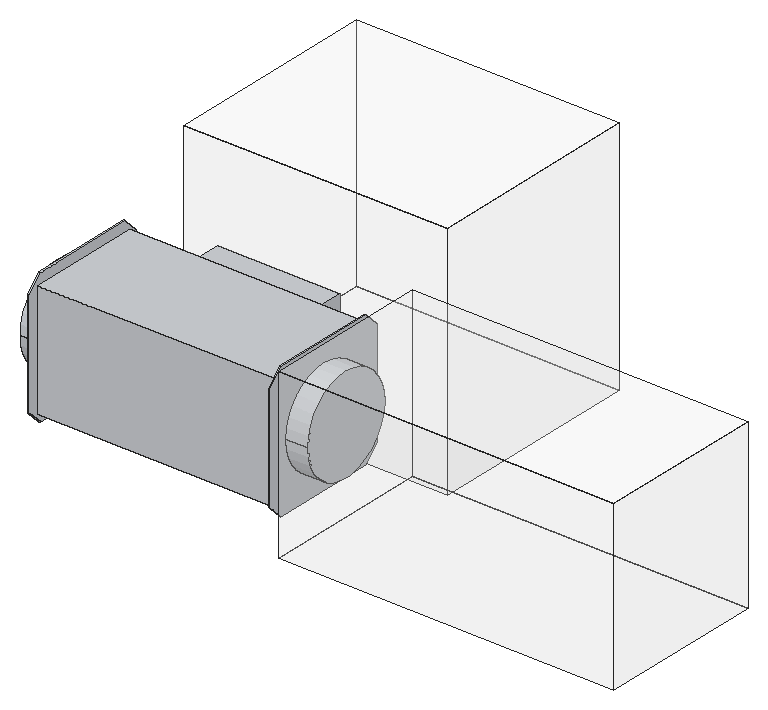
Revit family "140_VAV_変風量ユニット_丸ダクト用", category ダクト付属品, Revit 2022
Family settings
  丸型コネクタ寸法 = 直径を使用
  パーツ タイプ = 割り込み
  OmniClass 番号 = 23.75.70.11.14.14
  OmniClass タイトル = Dampers for Air Ductwork
  作業面ベース = いいえ
  常に垂直 = はい
  ロード時にボイドで切り取り = いいえ
  共有 = いいえ
Parameters (values of type "変風量ユニット_丸ダクト用")
  風量 [instance] = 0.0 m³/h
  風速 = 0.0 m/s
  質量 = 7.00 kg
  製品出荷対象 = ""
  製品リリース年月 = ""
  法定耐用年数 = "15"
  圧力損失 [instance] = 0.0 Pa
  メンテナンススペース [instance] = yes
  メンテ_W [instance] = 700 mm
  メンテ_H [instance] = 350 mm
  メンテ_D [instance] = 350 mm
  VAV長さ [instance] = 550 mm
  既定の高さ = 0 mm
  2D記号 = 記号_変風量ユニット : 1/100
  製品グループ = ""
  耐圧 [instance] = ""
  符号 = "VAV"
  積算_科目 = ""
  積算_拾い区分 [instance] = ""
  built-in parameter 1114242 [instance] = 1
  材質 = ""
  方向2 [instance] = not(方向1)  # no
  方向1 [instance] = yes
  文字 [instance] = ""
  呼称 = "変風量ユニット"
  分類コード = "50059004100020"
  分類グループ = ""
  企業コード = ""
  仕様書バージョン = "Version1.0"
  仕様7 [instance] = ""
  仕様6 [instance] = ""
  仕様5 [instance] = ""
  仕様4 [instance] = ""
  仕様3 [instance] = ""
  仕様2 [instance] = ""
  仕様 [instance] = ""
  ダクト径 [instance] = 200 mm
  本体マテリアル = none
  コメント [instance] = ""
  Width [instance] = 280 mm
  Version = ""
  Uniclass2015Version = "Systems v1.9"
  Uniclass2015Title = "Variable air volume boxes"
  Uniclass2015Code = "Pr_65_65_24_93"
  SpecificationReference = ""
  SpecificationDescription = ""
  Revision = ""
  ProductInformation = ""
  OmniClassCode = "23-33 41 17 13"
  IfcTypeProduct = ""
  IfcProduct = ""
  IfcExportType = "VARIABLEFLOWPRESSUREDEPENDANT"
  IfcExportAs = "IfcAirTerminalBoxType"
  Height [instance] = 280 mm
  Depth = 600 mm
  Author = "Revit User Group Japan"
  2D [instance] = yes
Reference planes
  plane 1 "中心(正面/背面)": y = 0
  plane 2: z = 0
  plane 3 "中心(左/右)": x = 0
  plane 4: y = 140
  plane 5: x = 300
  plane 6: z = 140
  plane 7: z = -140
  plane 8: x = 0
  plane 9: y = -140
  plane 10: x = -300
  plane 11: x = -250
  plane 12: x = 250
  plane 13: y = 120
  plane 14: y = -120
  plane 15: z = 120
  plane 16: z = -120
  plane 17: y = -110
  plane 18: y = 110
  plane 19: z = 110
  plane 20: z = -110
  plane 21: y = -140
Forms (mm)
  Extrusion 1, solid, material <- "本体マテリアル", detail levels medium+fine
    sketch origin (-158.75, 0, 0) x (1, 0, 0) y (0, 1, 0)
      loop
        line (-91.25, 120) -> (-91.25, -120) -> (408.75, -120) -> (408.75, 120) -> (-91.25, 120)
    from -120 to 120
  Extrusion 2, solid, material <- "本体マテリアル", detail levels fine
    sketch origin (0, 0, 0) x (0, 1, 0) y (0, 0, 1)
      loop
        circle (0, 0) r 100
    from -300 to -250
  Extrusion 3, solid, material <- "本体マテリアル", detail levels fine
    sketch origin (0, 0, 0) x (0, 1, 0) y (0, 0, 1)
      loop
        circle (0, 0) r 100
    from 250 to 300
  Extrusion 4, solid, material <- "本体マテリアル", detail levels fine
    sketch origin (0, 0, 0) x (0, 1, 0) y (0, 0, 1)
      loop
        line (110, -140) -> (140, -110) -> (140, 110) -> (110, 140) -> (-110, 140) -> (-140, 110) -> (-140, -110) -> (-110, -140) -> (110, -140)
    from -250 to -252.5
  Extrusion 5, solid, material <- "本体マテリアル", detail levels fine
    sketch origin (0, 0, 0) x (0, 1, 0) y (0, 0, 1)
      loop
        line (110, -140) -> (140, -110) -> (140, 110) -> (110, 140) -> (-110, 140) -> (-140, 110) -> (-140, -110) -> (-110, -140) -> (110, -140)
    from 250 to 252.5
  Extrusion 6, solid
    sketch origin (-11.5, -10, 0) x (1, 0, 0) y (0, 1, 0)
      loop
        line (-168.5, 275) -> (-168.5, 130) -> (86.5, 130) -> (86.5, 275) -> (-168.5, 275)
    from -50 to 50
Lines and regions (mm)
  symbolic lines, visible <- "方向1", detail levels medium+fine
    curve 1: line (-250, 120, 0) -> (250, 0, 0)
    curve 2: line (250, 0, 0) -> (-250, -120, 0)
  symbolic lines, visible <- "方向2", detail levels fine
    curve 3: line (250, 120, 0) -> (-250, 0, 0)
    curve 4: line (-250, 0, 0) -> (250, -120, 0)
  model lines, style "メンテナンススペース", visible <- "メンテナンススペース"
    curve 5: line (-250, 715, 0) -> (300, 265, 0)
    curve 6: line (300, 715, 0) -> (-250, 265, 0)
Dimensions and locks
  equal spacing: plane 6, plane 2, plane 7
  equal spacing: plane 4, plane 1 "中心(正面/背面)", plane 9
  "Width": plane 4 to plane 9
  "Width": plane 7 to plane 6
  equal spacing: plane 10, plane 3 "中心(左/右)", plane 5
  "Depth": plane 10 to plane 5
  locked: plane 12 to plane 5 at 50
  locked: plane 10 to plane 11 at 50
  locked: plane 4 to plane 13 at 20
  locked: plane 9 to plane 14 at 20
  locked: plane 15 to plane 6 at 20
  locked: plane 7 to plane 16 at 20
  locked: plane 4 to plane 18 at 30
  locked: plane 17 to plane 9 at 30
  locked: plane 19 to plane 6 at 30
  locked: plane 7 to plane 20 at 30
  locked: plane 12 to Extrusion 5 at 2.5
  locked: Extrusion 4 to plane 11 at 2.5
  "Height": plane 4 to plane 21
  locked: Extrusion 6 to Extrusion 6 at 255
  "ダクト径": diameter of Extrusion 3 sketch curve
  "ダクト径": diameter of Extrusion 2 sketch curve
  aligned and locked: plane 3 "中心(左/右)" to plane 8
  aligned and locked: Extrusion 2 to plane 10
  aligned and locked: plane 11 to Extrusion 2
  aligned and locked: Extrusion 3 to plane 12
  aligned and locked: Extrusion 1 to plane 15
  aligned and locked: plane 16 to Extrusion 1
  aligned and locked: Extrusion 5 to plane 12
  aligned and locked: Extrusion 4 to plane 11
  aligned and locked: plane 5 to Extrusion 3
  aligned and locked: plane 1 "中心(正面/背面)" to nested 1
  aligned and locked: nested 2 to plane 1 "中心(正面/背面)"
  aligned and locked: nested 2 to plane 8
  aligned and locked: plane 8 to nested 1
Automatic sketch dimensions
  Extrusion 1 sketch curve to plane 11 = 0 mm
  Extrusion 1 sketch curve to plane 12 = 0 mm
  Extrusion 1 sketch curve to plane 14 = 0 mm
  Extrusion 1 sketch curve to plane 13 = 0 mm
  Extrusion 4 sketch curve to plane 9 = 0 mm
  plane 7 to Extrusion 4 sketch curve = 0 mm
  Extrusion 4 sketch curve to plane 17 = 0 mm  (x2)
  plane 6 to Extrusion 4 sketch curve = 0 mm
  Extrusion 4 sketch curve to plane 18 = 0 mm  (x2)
  Extrusion 4 sketch curve to plane 4 = 0 mm
  plane 20 to Extrusion 4 sketch curve = 0 mm  (x2)
  plane 19 to Extrusion 4 sketch curve = 0 mm  (x2)
  Extrusion 5 sketch curve to plane 9 = 0 mm
  plane 7 to Extrusion 5 sketch curve = 0 mm
  Extrusion 5 sketch curve to plane 17 = 0 mm  (x2)
  plane 6 to Extrusion 5 sketch curve = 0 mm
  Extrusion 5 sketch curve to plane 18 = 0 mm  (x2)
  Extrusion 5 sketch curve to plane 4 = 0 mm
  plane 20 to Extrusion 5 sketch curve = 0 mm  (x2)
  plane 19 to Extrusion 5 sketch curve = 0 mm  (x2)
  plane 1 "中心(正面/背面)" to curve 3 = 0 mm
  curve 3 to plane 11 = 0 mm
  curve 2 to plane 11 = 0 mm
  curve 1 to plane 11 = 0 mm
  curve 3 to plane 12 = 0 mm
  plane 1 "中心(正面/背面)" to curve 2 = 0 mm
  curve 2 to plane 12 = 0 mm
  curve 4 to plane 12 = 0 mm
  curve 2 to plane 14 = 0 mm
  plane 14 to curve 4 = 0 mm
  plane 13 to curve 3 = 0 mm
  curve 1 to plane 13 = 0 mm
  Extrusion 2 sketch curve to level = 0 mm
  Extrusion 2 sketch curve to plane 1 "中心(正面/背面)" = 0 mm
  Extrusion 3 sketch curve to level = 0 mm
  Extrusion 3 sketch curve to plane 1 "中心(正面/背面)" = 0 mm
  Extrusion 6 sketch curve to plane 5 = 480 mm
  Extrusion 6 sketch curve to Extrusion 6 sketch curve = 255 mm
  Extrusion 6 sketch curve to plane 4 = 20 mm
  Extrusion 6 sketch curve to Extrusion 6 sketch curve = 145 mm
  curve 6 to plane 5 = 550 mm
  curve 5 to plane 5 = 550 mm
  curve 5 to curve 6 = 550 mm
  plane 4 to curve 5 = 125 mm
  curve 5 to curve 6 = 0 mm
  plane 4 to curve 6 = 125 mm
  curve 5 to curve 6 = 450 mm
  curve 6 to curve 5 = 450 mm
Nested families
  nested 1: "記号_変風量ユニット" at (0, 0, 0), type "1/100", detail levels coarse
  nested 2: "記号_変風量ユニット" at (0, 0, 0) x (-1, 0, 0) z (0, 0, 1), type "1/100", not visible, detail levels coarse
  nested 3: "2D" at (650, 0, 0), visible <- "2D", type "サービススペース"
    with Width 700 mm, Height 350 mm, Depth 350 mm
  nested 4: "メンテナンススペース" at (25, 490, 0), visible <- "メンテナンススペース", type "サービススペース"
    with Width 550 mm, Depth 450 mm
Connectors
  hvac at (300, 0, 0), driven by "ダクト径", driven by "圧力損失", driven by "風量"
    settings: on Extrusion 3, index 3, duct flow 0.0 m³/h, flow factor 0, pres drop 0.0 Pa, loss coef 0, conn angle 0.00°, conn width 304.8 mm, conn height 304.8 mm, conn diameter 200 mm, duct sys type 29, conn prof type 0, flow config 1, flow direction 1, loss method 4, conn ref index 4, conn util no, is conn primary no, conn desc ""
  hvac at (-300, 0, 0), driven by "ダクト径", driven by "圧力損失", driven by "風量"
    settings: on Extrusion 2, index 4, duct flow 0.0 m³/h, flow factor 0, pres drop 0.0 Pa, loss coef 0, conn angle 0.00°, conn width 304.8 mm, conn height 304.8 mm, conn diameter 200 mm, duct sys type 29, conn prof type 0, flow config 1, flow direction 2, loss method 4, conn ref index 3, conn util no, is conn primary yes, conn desc ""
Definition of nested family "2D"
  Parameters (values of type "サービススペース")
    Default Elevation = 0 mm
    Width = 500 mm
    Height = 500 mm
    Depth = 500 mm
  Reference planes
    plane 1 "中心(正面/背面)": y = 0
    plane 2: z = 0
    plane 3 "中心(左/右)": x = 0
    plane 4: y = -250
    plane 5: x = 250
    plane 6: y = 250
    plane 7: x = -250
    plane 8: z = 250
    plane 9: z = -250
  Forms (mm)
    Extrusion 1, solid
      sketch origin (-638.939, 0, 72.39) x (1, 0, 0) y (0, 1, 0)
        loop
          line (388.939, 250) -> (388.939, -250) -> (888.939, -250) -> (888.939, 250) -> (388.939, 250)
      from -322.39 to 177.61
  Lines and regions (mm)
    symbolic lines
      curve 1: line (-250, 0, 250) -> (250, 0, 250)
      curve 2: line (-250, 0, -250) -> (-250, 0, 250)
      curve 3: line (250, 0, -250) -> (-250, 0, -250)
      curve 4: line (250, 0, 250) -> (250, 0, -250)
      curve 5: line (0, -250, 250) -> (0, 250, 250)
      curve 6: line (0, -250, -250) -> (0, -250, 250)
      curve 7: line (0, 250, -250) -> (0, -250, -250)
      curve 8: line (0, 250, 250) -> (0, 250, -250)
      curve 9: line (-250, 250, 0) -> (250, 250, 0)
      curve 10: line (-250, -250, 0) -> (-250, 250, 0)
      curve 11: line (250, -250, 0) -> (-250, -250, 0)
      curve 12: line (250, 250, 0) -> (250, -250, 0)
  Dimensions and locks
    equal spacing: plane 7, plane 3 "中心(左/右)", plane 5
    equal spacing: plane 4, plane 1 "中心(正面/背面)", plane 6
    "Depth": plane 4 to plane 6
    "Width": plane 7 to plane 5
    equal spacing: plane 8, plane 2, plane 9
    "Height": plane 8 to plane 9
    aligned and locked: plane 9 to curve 3
    aligned and locked: plane 7 to curve 2
    aligned and locked: curve 4 to plane 5
    aligned and locked: plane 5 to Extrusion 1
    aligned and locked: Extrusion 1 to plane 7
    aligned and locked: Extrusion 1 to plane 9
    aligned and locked: plane 8 to Extrusion 1
    aligned and locked: plane 9 to curve 7
  Automatic sketch dimensions
    plane 4 to Extrusion 1 sketch curve = 0 mm
    Extrusion 1 sketch curve to plane 7 = 0 mm
    Extrusion 1 sketch curve to plane 5 = 0 mm
    plane 6 to Extrusion 1 sketch curve = 0 mm
    curve 2 to plane 8 = 0 mm
    plane 4 to curve 11 = 0 mm
    curve 11 to plane 7 = 0 mm
    curve 11 to plane 5 = 0 mm
    plane 6 to curve 10 = 0 mm
    curve 7 to plane 4 = 0 mm
    curve 7 to plane 6 = 0 mm
    curve 6 to plane 8 = 0 mm
Definition of nested family "メンテナンススペース"
  Parameters (values of type "サービススペース")
    Default Elevation = 0 mm
    Width = 500 mm
    Height = 500 mm
    Depth = 500 mm
  Reference planes
    plane 1 "中心(正面/背面)": y = 0
    plane 2: z = 0
    plane 3 "中心(左/右)": x = 0
    plane 4: y = -250
    plane 5: x = 250
    plane 6: y = 250
    plane 7: x = -250
    plane 8: z = 250
    plane 9: z = -250
  Forms (mm)
    Extrusion 1, solid
      sketch origin (-638.939, 0, 72.39) x (1, 0, 0) y (0, 1, 0)
        loop
          line (388.939, 250) -> (388.939, -250) -> (888.939, -250) -> (888.939, 250) -> (388.939, 250)
      from -322.39 to 177.61
  Lines and regions (mm)
    symbolic lines
      curve 1: line (-250, 0, 250) -> (250, 0, 250)
      curve 2: line (-250, 0, -250) -> (-250, 0, 250)
      curve 3: line (250, 0, -250) -> (-250, 0, -250)
      curve 4: line (250, 0, 250) -> (250, 0, -250)
      curve 5: line (0, -250, 250) -> (0, 250, 250)
      curve 6: line (0, -250, -250) -> (0, -250, 250)
      curve 7: line (0, 250, -250) -> (0, -250, -250)
      curve 8: line (0, 250, 250) -> (0, 250, -250)
      curve 9: line (-250, 250, 0) -> (250, 250, 0)
      curve 10: line (-250, -250, 0) -> (-250, 250, 0)
      curve 11: line (250, -250, 0) -> (-250, -250, 0)
      curve 12: line (250, 250, 0) -> (250, -250, 0)
  Dimensions and locks
    equal spacing: plane 7, plane 3 "中心(左/右)", plane 5
    equal spacing: plane 4, plane 1 "中心(正面/背面)", plane 6
    "Depth": plane 4 to plane 6
    "Width": plane 7 to plane 5
    equal spacing: plane 8, plane 2, plane 9
    "Height": plane 8 to plane 9
    aligned and locked: plane 9 to curve 3
    aligned and locked: plane 7 to curve 2
    aligned and locked: curve 4 to plane 5
    aligned and locked: plane 5 to Extrusion 1
    aligned and locked: Extrusion 1 to plane 7
    aligned and locked: Extrusion 1 to plane 9
    aligned and locked: plane 8 to Extrusion 1
    aligned and locked: plane 9 to curve 7
  Automatic sketch dimensions
    plane 4 to Extrusion 1 sketch curve = 0 mm
    Extrusion 1 sketch curve to plane 7 = 0 mm
    Extrusion 1 sketch curve to plane 5 = 0 mm
    plane 6 to Extrusion 1 sketch curve = 0 mm
    curve 2 to plane 8 = 0 mm
    plane 4 to curve 11 = 0 mm
    curve 11 to plane 7 = 0 mm
    curve 11 to plane 5 = 0 mm
    plane 6 to curve 10 = 0 mm
    curve 7 to plane 4 = 0 mm
    curve 7 to plane 6 = 0 mm
    curve 6 to plane 8 = 0 mm
Definition of nested family "記号_変風量ユニット"
  Parameters
    倍率 = 1
    W = 5 mm * 倍率  # 5 mm
    D = 3 mm * 倍率  # 3 mm
  Reference planes
    plane 1: y = 0
    plane 2: x = 0
  Lines and regions (mm)
    Filled region 1, type "塗り潰し領域"
      outline origin (0, 0, 0) x (1, 0, 0) y (0, 1, 0)
        loop
          line (-2.5, -1.5) -> (2.5, 0) -> (-2.5, 1.5) -> (-2.5, -1.5)
    detail lines
      curve 1: line (-2.5, 1.5, 0) -> (2.5, 1.5, 0)
      curve 2: line (-2.5, -1.5, 0) -> (-2.5, 1.5, 0)
      curve 3: line (2.5, -1.5, 0) -> (-2.5, -1.5, 0)
      curve 4: line (2.5, 1.5, 0) -> (2.5, -1.5, 0)
      curve 5: line (-2.5, 1.5, 0) -> (2.5, 0, 0)
      curve 6: line (-2.5, -1.5, 0) -> (2.5, 0, 0)
    reference lines
      curve 7: line (-2.5, -4.77, 0) -> (-2.5, 4.892, 0)
      curve 8: line (2.5, 4.892, 0) -> (2.5, -4.77, 0)
      curve 9: line (-4.482, 1.5, 0) -> (4.48, 1.5, 0)
      curve 10: line (4.48, -1.5, 0) -> (-4.482, -1.5, 0)
  Dimensions and locks
    equal spacing: curve 10, plane 1, curve 9
    "D": curve 9 to curve 10
    equal spacing: curve 7, plane 2, curve 8
    "W": curve 7 to curve 8
    aligned and locked: curve 9 to curve 1
    aligned and locked: curve 10 to curve 3
    aligned and locked: curve 7 to curve 2
    aligned and locked: curve 8 to curve 4
    aligned and locked: curve 2 to Filled region 1 sketch curve
    aligned and locked: Filled region 1 sketch curve to curve 5
    aligned and locked: Filled region 1 sketch curve to curve 6
  Automatic sketch dimensions
    plane 1 to curve 5 = 0 mm
    curve 9 to curve 7 = 1.982 mm
    curve 10 to curve 9 = 0 mm
    curve 8 to curve 10 = 1.98 mm
    curve 9 to curve 10 = 0 mm
    curve 7 to curve 10 = 3.27 mm
    curve 8 to curve 10 = 3.27 mm
    curve 9 to curve 8 = 3.392 mm
    curve 9 to curve 7 = 3.392 mm
